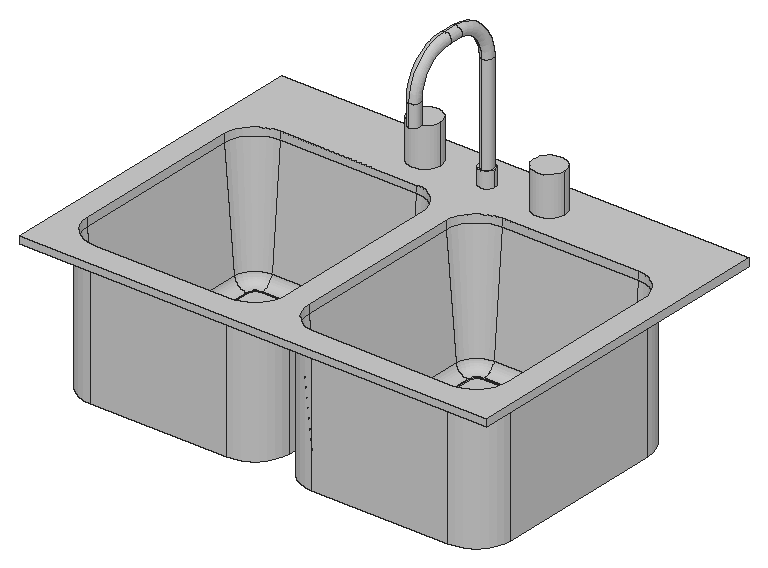
Revit family "Sink Kitchen-Double", category Plumbing Fixtures, Revit 2023
Family settings
  Round Connector Dimension = Use Diameter
  Part Type = Normal
  OmniClass Number = 23.45.05.14.14
  OmniClass Title = Sinks/Lavatories
  Work Plane-Based = No
  Enable Cutting in Views = No
  Always vertical = Yes
  Cut with Voids When Loaded = No
  Maintain Annotation Orientation = No
  Shared = Yes
  Room Calculation Point = No
Parameters (values of type "42" x 21"")
  Default Elevation = 0' - 0"
  Assembly Code = "D2010410"
  Counter Height = 3' - 0"
  Depth = 1' - 9"
  Faucet Material = Steel, Polished
  Sink Material = Steel, Polished
  Width = 2' - 6"
Reference planes (in)
  plane 1 "Center (Front/Back)": y = -1.40766
  plane 2: z = 0
  plane 3 "Center (Left/Right)": x = 0.61769
  plane 4: y = 10.59234
  plane 5: y = -10.40766
  plane 6: x = -14.38231
  plane 7: x = 15.61769
  plane 8 "Top Of Counter": z = 36
  plane 9: z = 36.5
  plane 10: z = 27.5
  plane 11: y = 6.09234
  plane 12: x = -12.88231
  plane 13: y = -8.90766
  plane 14: x = 14.11769
  plane 15: x = -3.38231
  plane 16: x = 4.61769
  plane 17: y = 8.34234
  plane 18: y = 8.34234
  plane 19: y = 8.34234
  plane 20: z = 46.375
  plane 21: y = 2.46734
  plane 22: z = 39
  plane 23: z = 37.5
  plane 24: x = -0.13231
  plane 25: x = 1.36769
  plane 26: x = -6.13231
  plane 27: x = 7.36769
  plane 28: z = 27.875
Forms (in)
  Extrusion 1, solid, material "Steel, Polished" <- "Sink Material"
    sketch origin (0, 0, 0) x (1, 0, 0) y (0, 1, 0)
      loop
        line (-14.38231, 10.59234) -> (-14.38231, -10.40766) -> (15.61769, -10.40766) -> (15.61769, 10.59234) -> (-14.38231, 10.59234)
      loop
        arc (-10.88231, 6.09234) -> (-12.29653, 5.50655) -> (-12.88231, 4.09234) r 2
        line (-12.88231, 4.09234) -> (-12.88231, -6.90766)
        arc (-12.88231, -6.90766) -> (-12.29653, -8.32187) -> (-10.88231, -8.90766) r 2
        line (-10.88231, -8.90766) -> (-2.13231, -8.90766)
        arc (-2.13231, -8.90766) -> (-0.7181, -8.32187) -> (-0.13231, -6.90766) r 2
        line (-0.13231, -6.90766) -> (-0.13231, 4.09234)
        arc (-0.13231, 4.09234) -> (-0.7181, 5.50655) -> (-2.13231, 6.09234) r 2
        line (-2.13231, 6.09234) -> (-10.88231, 6.09234)
      loop
        arc (12.11769, -8.90766) -> (13.5319, -8.32187) -> (14.11769, -6.90766) r 2
        line (14.11769, -6.90766) -> (14.11769, 4.09234)
        arc (14.11769, 4.09234) -> (13.5319, 5.50655) -> (12.11769, 6.09234) r 2
        line (12.11769, 6.09234) -> (3.36769, 6.09234)
        arc (3.36769, 6.09234) -> (1.95347, 5.50655) -> (1.36769, 4.09234) r 2
        line (1.36769, 4.09234) -> (1.36769, -6.90766)
        arc (1.36769, -6.90766) -> (1.95347, -8.32187) -> (3.36769, -8.90766) r 2
        line (3.36769, -8.90766) -> (12.11769, -8.90766)
    from 36 to 36.5
  Sweep 2, solid, material "Steel, Polished" <- "Sink Material"
    path origin (0, 0, 0) x (1, 0, 0) y (0, 1, 0)
      loop
        arc (-10.88231, 6.09234) -> (-12.29653, 5.50655) -> (-12.88231, 4.09234) r 2
        line (-12.88231, 4.09234) -> (-12.88231, -6.90766)
        arc (-12.88231, -6.90766) -> (-12.29653, -8.32187) -> (-10.88231, -8.90766) r 2
        line (-10.88231, -8.90766) -> (-2.13231, -8.90766)
        arc (-2.13231, -8.90766) -> (-0.7181, -8.32187) -> (-0.13231, -6.90766) r 2
        line (-0.13231, -6.90766) -> (-0.13231, 4.09234)
        arc (-0.13231, 4.09234) -> (-0.7181, 5.50655) -> (-2.13231, 6.09234) r 2
        line (-2.13231, 6.09234) -> (-10.88231, 6.09234)
    profile origin (-6.50731, 0, 0) x (0, 1, 0) y (0, 0, 1)
      loop
        line (6.09234, 36) -> (5.44139, 28.55963)
        arc (5.44139, 28.55963) -> (5.20094, 28.07204) -> (4.69424, 27.875) r 0.75
        line (4.69424, 27.875) -> (4.59234, 27.875) -> (4.59234, 27.5) -> (6.34234, 27.5) -> (6.34234, 36) -> (6.09234, 36)
  Extrusion 3, solid, material "Steel, Polished" <- "Sink Material"
    sketch origin (0, 0, 0) x (1, 0, 0) y (0, 1, 0)
      loop
        arc (-10.88231, 4.59234) -> (-11.23587, 4.44589) -> (-11.38231, 4.09234) r 0.5
        line (-11.38231, 4.09234) -> (-11.38231, -6.90766)
        arc (-11.38231, -6.90766) -> (-11.23587, -7.26121) -> (-10.88231, -7.40766) r 0.5
        line (-10.88231, -7.40766) -> (-2.13231, -7.40766)
        arc (-2.13231, -7.40766) -> (-1.77876, -7.26121) -> (-1.63231, -6.90766) r 0.5
        line (-1.63231, -6.90766) -> (-1.63231, 4.09234)
        arc (-1.63231, 4.09234) -> (-1.77876, 4.44589) -> (-2.13231, 4.59234) r 0.5
        line (-2.13231, 4.59234) -> (-10.88231, 4.59234)
      loop
        circle (-6.13231, -1.40766) r 1
    from 27.5 to 27.875
  Extrusion 4, solid, material "Steel, Polished" <- "Faucet Material"
    sketch origin (0, 0, 0) x (1, 0, 0) y (0, 1, 0)
      loop
        circle (-3.38231, 8.34234) r 1
      loop
        circle (4.61769, 8.34234) r 1
    from 36.5 to 39
  Sweep 5, solid, material "Steel, Polished" <- "Faucet Material"
    path origin (0.61769, 0, 0) x (0, 1, 0) y (0, 0, 1)
      loop
        line (8.34234, 36.5) -> (8.34234, 43.875)
        arc (8.34234, 43.875) -> (7.61011, 45.64277) -> (5.84234, 46.375) r 2.5
        line (5.84234, 46.375) -> (4.96734, 46.375)
        arc (4.96734, 46.375) -> (3.19957, 45.64277) -> (2.46734, 43.875) r 2.5
        line (2.46734, 43.875) -> (2.46734, 42.5)
    profile origin (0.61769, 0, 40.1875) x (0, -1, 0) y (1, 0, 0)
      loop
        circle (-8.34234, 0) r 0.375
  Extrusion 6, solid, material "Steel, Polished" <- "Faucet Material"
    sketch origin (0, 0, 0) x (1, 0, 0) y (0, 1, 0)
      loop
        circle (0.61769, 8.34234) r 0.5
    from 36.5 to 37.5
  Sweep 7, solid, material "Steel, Polished" <- "Sink Material"
    path origin (1.23537, 0, 0) x (-1, 0, 0) y (0, -1, 0)
      loop
        line (-10.88231, -6.09234) -> (-2.13231, -6.09234)
        arc (-2.13231, -6.09234) -> (-0.7181, -5.50655) -> (-0.13231, -4.09234) r 2
        line (-0.13231, -4.09234) -> (-0.13231, 6.90766)
        arc (-0.13231, 6.90766) -> (-0.7181, 8.32187) -> (-2.13231, 8.90766) r 2
        line (-2.13231, 8.90766) -> (-10.88231, 8.90766)
        arc (-10.88231, 8.90766) -> (-12.29653, 8.32187) -> (-12.88231, 6.90766) r 2
        line (-12.88231, 6.90766) -> (-12.88231, -4.09234)
        arc (-12.88231, -4.09234) -> (-12.29653, -5.50655) -> (-10.88231, -6.09234) r 2
    profile origin (7.74269, 0, 0) x (0, -1, 0) y (0, 0, 1)
      loop
        line (-6.09234, 36) -> (-6.34234, 36) -> (-6.34234, 27.5) -> (-4.59234, 27.5) -> (-4.59234, 27.875) -> (-4.69424, 27.875)
        arc (-4.69424, 27.875) -> (-5.20094, 28.07204) -> (-5.44139, 28.55963) r 0.75
        line (-5.44139, 28.55963) -> (-6.09234, 36)
  Extrusion 8, solid, material "Steel, Polished" <- "Sink Material"
    sketch origin (0, 0, 0) x (1, 0, 0) y (0, 1, 0)
      loop
        arc (3.36769, 4.69424) -> (3.01413, 4.5478) -> (2.86769, 4.19424) r 0.5
        line (2.86769, 4.19424) -> (2.86769, -6.90766)
        arc (2.86769, -6.90766) -> (3.01413, -7.26121) -> (3.36769, -7.40766) r 0.5
        line (3.36769, -7.40766) -> (12.11769, -7.40766)
        arc (12.11769, -7.40766) -> (12.47124, -7.26121) -> (12.61769, -6.90766) r 0.5
        line (12.61769, -6.90766) -> (12.61769, 4.19424)
        arc (12.61769, 4.19424) -> (12.47124, 4.5478) -> (12.11769, 4.69424) r 0.5
        line (12.11769, 4.69424) -> (3.36769, 4.69424)
      loop
        circle (7.36769, -1.40766) r 1
    from 27.5 to 27.875
Cuts and joins
  joined: Extrusion 1, Sweep 2, Sweep 7
  joined: Sweep 5, Extrusion 6
Lines and regions (in)
  Masking region 1
    outline origin (0, 0, 36) x (0, -1, 0) y (1, 0, 0)
      loop
        line (-10.59234, -14.38231) -> (10.40766, -14.38231) -> (10.40766, 15.61769) -> (-10.59234, 15.61769) -> (-10.59234, -14.38231)
  symbolic lines
    curve 1: line (-12.88231, 4.09234, 36) -> (-12.88231, -6.90766, 36)
    curve 2: line (-10.88231, -8.90766, 36) -> (-2.13231, -8.90766, 36)
    curve 3: line (14.11769, -6.90766, 36) -> (14.11769, 4.09234, 36)
    curve 4: line (12.11769, 6.09234, 36) -> (3.36769, 6.09234, 36)
    curve 5: arc (14.11769, 4.09234, 36) -> (13.5319, 5.50655, 36) -> (12.11769, 6.09234, 36) r 2
    curve 6: arc (12.11769, -8.90766, 36) -> (13.5319, -8.32187, 36) -> (14.11769, -6.90766, 36) r 2
    curve 7: arc (-12.88231, -6.90766, 36) -> (-12.29653, -8.32187, 36) -> (-10.88231, -8.90766, 36) r 2
    curve 8: arc (-10.88231, 6.09234, 36) -> (-12.29653, 5.50655, 36) -> (-12.88231, 4.09234, 36) r 2
    curve 9: arc (1.11769, 8.34234, 36) -> (0.61769, 8.84234, 36) -> (0.11769, 8.34234, 36) r 0.5
    curve 10: line (0.11769, 8.34234, 36) -> (0.11769, 0.59234, 36)
    curve 11: line (1.11769, 8.34234, 36) -> (1.11769, 0.59234, 36)
    curve 12: arc (1.11769, 0.59234, 36) -> (0.61769, 0.09234, 36) -> (0.11769, 0.59234, 36) r 0.5
    curve 13: line (-0.13231, 4.09234, 36) -> (-0.13231, -6.90766, 36)
    curve 14: line (1.36769, 4.09234, 36) -> (1.36769, -6.90766, 36)
    curve 15: line (3.36769, -8.90766, 36) -> (12.11769, -8.90766, 36)
    curve 16: line (-2.13231, 6.09234, 36) -> (-10.88231, 6.09234, 36)
    curve 17: arc (3.36769, 6.09234, 36) -> (1.95347, 5.50655, 36) -> (1.36769, 4.09234, 36) r 2
    curve 18: arc (1.36769, -6.90766, 36) -> (1.95347, -8.32187, 36) -> (3.36769, -8.90766, 36) r 2
    curve 19: arc (-0.13231, -6.90766, 36) -> (-0.7181, -8.32187, 36) -> (-2.13231, -8.90766, 36) r 2
    curve 20: arc (-0.13231, 4.09234, 36) -> (-0.7181, 5.50655, 36) -> (-2.13231, 6.09234, 36) r 2
    curve 21: arc (-7.13231, -1.40766, 36) -> (-6.13231, -0.40766, 36) -> (-5.13231, -1.40766, 36) r 1
    curve 22: arc (-5.13231, -1.40766, 36) -> (-6.13231, -2.40766, 36) -> (-7.13231, -1.40766, 36) r 1
    curve 23: arc (6.36769, -1.40766, 36) -> (7.36769, -0.40766, 36) -> (8.36769, -1.40766, 36) r 1
    curve 24: arc (8.36769, -1.40766, 36) -> (7.36769, -2.40766, 36) -> (6.36769, -1.40766, 36) r 1
    curve 25: arc (-4.38231, 8.34234, 36) -> (-3.38231, 7.34234, 36) -> (-2.38231, 8.34234, 36) r 1
    curve 26: arc (-2.38231, 8.34234, 36) -> (-3.38231, 9.34234, 36) -> (-4.38231, 8.34234, 36) r 1
    curve 27: arc (3.61769, 8.34234, 36) -> (4.61769, 7.34234, 36) -> (5.61769, 8.34234, 36) r 1
    curve 28: arc (5.61769, 8.34234, 36) -> (4.61769, 9.34234, 36) -> (3.61769, 8.34234, 36) r 1
Dimensions and locks (in)
  equal spacing: plane 6, plane 3 "Center (Left/Right)", plane 7
  "Width": plane 6 to plane 7
  "Depth": plane 5 to plane 4
  "Counter Height": plane 8 "Top Of Counter" to plane 2
  locked: plane 9 to plane 8 "Top Of Counter" at 0.5
  locked: plane 8 "Top Of Counter" to plane 10 at 8.5
  locked: plane 6 to plane 12 at 1.5
  locked: plane 14 to plane 7 at 1.5
  locked: plane 11 to plane 4 at 4.5
  locked: plane 5 to plane 13 at 1.5
  equal spacing: plane 11, plane 17, plane 4
  equal spacing: plane 11, plane 18, plane 4
  equal spacing: plane 4, plane 19, plane 11
  locked: plane 19 to plane 21 at 5.875
  locked: plane 20 to plane 9 at 9.875
  locked: plane 22 to plane 9 at 2.5
  locked: plane 23 to plane 9 at 1
  plane 24 to plane 3 "Center (Left/Right)" to plane 25 = 0' - 0 3/4" locked, 0' - 0 3/4" locked
  equal spacing: plane 12, plane 26, plane 3 "Center (Left/Right)"
  equal spacing: plane 3 "Center (Left/Right)", plane 27, plane 14
  equal spacing: plane 13, plane 1 "Center (Front/Back)", plane 11
  locked: plane 15 to plane 3 "Center (Left/Right)" at 4
  locked: plane 3 "Center (Left/Right)" to plane 16 at 4
  locked: plane 28 to plane 10 at 0.375
  aligned and locked: Extrusion 1 sketch curve to plane 5
  aligned and locked: plane 7 to Extrusion 1 sketch curve
  aligned and locked: plane 4 to Extrusion 1 sketch curve
  aligned and locked: Extrusion 1 sketch curve to plane 6
  aligned and locked: plane 8 "Top Of Counter" to Extrusion 1
  aligned and locked: Extrusion 1 to plane 9
  aligned and locked: plane 11 to Extrusion 1 sketch curve
  aligned and locked: plane 14 to Extrusion 1 sketch curve
  aligned and locked: Extrusion 1 sketch curve to plane 12
  aligned and locked: Extrusion 1 sketch curve to plane 13
  aligned and locked: plane 11 to Sweep 2 sketch curve
  aligned and locked: Sweep 2 sketch curve to plane 12
  aligned and locked: Sweep 2 sketch curve to plane 13
  aligned and locked: Sweep 2 to Extrusion 3 sketch curve  (x4)
  aligned and locked: plane 10 to Extrusion 3
  aligned and locked: Sweep 2 sketch curve to plane 10
  aligned and locked: plane 8 "Top Of Counter" to Sweep 2 sketch curve
  aligned and locked: Extrusion 4 to Extrusion 1
  aligned and locked: Extrusion 6 to Extrusion 1
  aligned and locked: Sweep 5 sketch curve to plane 19
  aligned and locked: plane 20 to Sweep 5 sketch curve
  aligned and locked: plane 21 to Sweep 5 sketch curve
  aligned and locked: Extrusion 4 to plane 22
  aligned and locked: Extrusion 6 to plane 23
  aligned and locked: Sweep 2 sketch curve to Extrusion 1
  aligned and locked: Sweep 7 sketch curve to plane 14
  aligned and locked: Sweep 7 sketch curve to Extrusion 1
  aligned and locked: Sweep 7 sketch curve to plane 11
  aligned and locked: plane 13 to Sweep 7 sketch curve
  aligned and locked: plane 10 to Extrusion 8
  aligned and locked: curve 21 to Extrusion 3
  aligned and locked: curve 23 to Extrusion 8
  aligned and locked: Extrusion 8 sketch curve to Sweep 7
  aligned and locked: Sweep 7 sketch curve to plane 8 "Top Of Counter"
  aligned and locked: plane 10 to Sweep 7 sketch curve
  aligned and locked: plane 4 to Masking region 1 sketch curve
  aligned and locked: plane 7 to Masking region 1 sketch curve
  aligned and locked: Masking region 1 sketch curve to plane 5
  aligned and locked: Masking region 1 sketch curve to plane 6
  aligned and locked: plane 15 to Extrusion 4 sketch curve
  aligned and locked: plane 17 to Extrusion 4 sketch curve  (x2)
  aligned and locked: plane 16 to Extrusion 4 sketch curve
  aligned and locked: curve 25 to Extrusion 4
  aligned and locked: curve 27 to Extrusion 4
  aligned and locked: Extrusion 3 to plane 28
  aligned and locked: Extrusion 8 to plane 28
Automatic sketch dimensions
  Sweep 2 sketch curve to profile plane = 0' - 0"
  profile plane to Sweep 2 sketch curve = 0' - 0.65095"
  Sweep 2 sketch curve to Sweep 2 sketch curve = 0' - 0.74715"
  Sweep 2 sketch curve to Sweep 2 sketch curve = 0' - 0.10191"
  Sweep 2 sketch curve to profile plane = 0' - 0 1/4"
  Sweep 2 sketch curve to Sweep 2 sketch curve = 0' - 0 3/8"
  Sweep 2 sketch curve to Sweep 2 sketch curve = 0' - 0.68463"
  plane 15 to Extrusion 4 sketch curve = 0' - 1"
  plane 16 to Extrusion 4 sketch curve = 0' - 1"
  Sweep 5 sketch curve to plane 3 "Center (Left/Right)" = 0' - 0"
  Sweep 5 sketch curve to profile plane = 0' - 0"
  profile plane to Sweep 5 sketch curve = 0' - 0 3/8"
  Extrusion 6 sketch curve to plane 18 = 0' - 0"
  Extrusion 6 sketch curve to plane 3 "Center (Left/Right)" = 0' - 0"
  Extrusion 6 sketch curve to plane 3 "Center (Left/Right)" = 0' - 0 1/2"
  Sweep 5 sketch curve to plane 9 = 0' - 0"
  Sweep 5 sketch curve to Sweep 5 sketch curve = 0' - 2 1/2"
  plane 11 to Sweep 5 sketch curve = 0' - 0 1/4"
  Sweep 5 sketch curve to Sweep 5 sketch curve = 0' - 1 3/8"
  Extrusion 1 sketch curve to plane 13 = 0' - 0"
  Extrusion 1 sketch curve to plane 24 = 0' - 0"
  Extrusion 1 sketch curve to plane 25 = 0' - 0"
  Extrusion 1 sketch curve to plane 11 = 0' - 0"
  Extrusion 1 sketch curve to plane 12 = 0' - 2"  (x2)
  Extrusion 1 sketch curve to plane 3 "Center (Left/Right)" = 0' - 2 3/4"  (x2)
  plane 3 "Center (Left/Right)" to Extrusion 1 sketch curve = 0' - 2 3/4"  (x2)
  plane 14 to Extrusion 1 sketch curve = 0' - 2"
  Extrusion 1 sketch curve to Extrusion 1 sketch curve = 0' - 2"
  Sweep 2 sketch curve to plane 12 = 0' - 2"  (x2)
  Sweep 2 sketch curve to plane 3 "Center (Left/Right)" = 0' - 2 3/4"  (x2)
  plane 14 to Sweep 7 sketch curve = 0' - 2"  (x2)
  Sweep 7 sketch curve to Sweep 7 sketch curve = 0' - 2"
  plane 3 "Center (Left/Right)" to Sweep 7 sketch curve = 0' - 2 3/4"
  Extrusion 3 sketch curve to plane 1 "Center (Front/Back)" = 0' - 0"
  Extrusion 3 sketch curve to plane 26 = 0' - 0"
  Extrusion 3 sketch curve to Extrusion 3 sketch curve = 0' - 0 1/2"  (x4)
  plane 26 to Extrusion 3 sketch curve = 0' - 1"
  Extrusion 8 sketch curve to plane 1 "Center (Front/Back)" = 0' - 0"
  Extrusion 8 sketch curve to plane 27 = 0' - 0"
  plane 27 to Extrusion 8 sketch curve = 0' - 1"
  plane 3 "Center (Left/Right)" to Extrusion 8 sketch curve = 0' - 2 3/4"  (x2)
  Extrusion 8 sketch curve to Extrusion 8 sketch curve = 0' - 0 1/2"  (x2)
  plane 11 to Extrusion 8 sketch curve = 0' - 1.89809"
  Extrusion 8 sketch curve to plane 13 = 0' - 2"
  plane 7 to Extrusion 8 sketch curve = 0' - 3 1/2"
  Sweep 7 sketch curve to profile plane = 0' - 0"
  profile plane to Sweep 7 sketch curve = 0' - 0 1/4"
  Sweep 7 sketch curve to profile plane = 0' - 0.65095"
  Sweep 7 sketch curve to Sweep 7 sketch curve = 0' - 0.74715"
  Sweep 7 sketch curve to Sweep 7 sketch curve = 0' - 0.10191"
  Sweep 7 sketch curve to Sweep 7 sketch curve = 0' - 0.06537"
  Sweep 7 sketch curve to Sweep 7 sketch curve = 0' - 1.05963"
  curve 20 to plane 11 = 0' - 0"
  curve 17 to plane 11 = 0' - 0"
  curve 5 to plane 14 = 0' - 0"
  curve 1 to plane 12 = 0' - 0"
  curve 12 to plane 3 "Center (Left/Right)" = 0' - 0"
  curve 7 to plane 13 = 0' - 0"
  curve 18 to plane 13 = 0' - 0"
  plane 4 to curve 11 = 0' - 2 1/4"
  plane 11 to curve 5 = 0' - 2"
  plane 11 to curve 8 = 0' - 2"
  curve 13 to plane 3 "Center (Left/Right)" = 0' - 0 3/4"
  curve 14 to curve 13 = 0' - 0"
  curve 11 to plane 1 "Center (Front/Back)" = 0' - 2"
  plane 3 "Center (Left/Right)" to curve 14 = 0' - 0 3/4"
  curve 14 to plane 13 = 0' - 2"
  curve 13 to curve 14 = 0' - 0"
  curve 1 to plane 13 = 0' - 2"
  curve 6 to plane 13 = 0' - 2"
  curve 9 to plane 3 "Center (Left/Right)" = 0' - 0 1/2"
  curve 4 to curve 27 = 0' - 0 1/4"
Connectors (in)
  piping at (-3.38231, 8.34234, 36.5), diameter 1.5
    settings: on Extrusion 4, index 1, connector inside diameter 24", connector length 0' - 0", flow factor 0, pipe flow 0 GPM, pressure drop 0.00 psi, fitting loss kfactor 0, connector angle 0.00°, fixture units 1.5, engagement length 0' - 0", angle of deflection 0.00°, flow configuration 3, flow direction 1, fitting loss method 4, system type 19, joint type 0, gender type 0, connector reference index -1, connector utility 0, adjustable connector no, is connector primary yes, connector description ""
  piping at (4.61769, 8.34234, 36.5), diameter 1.5
    settings: on Extrusion 4, index 2, connector inside diameter 24", connector length 0' - 0", flow factor 0, pipe flow 0 GPM, pressure drop 0.00 psi, fitting loss kfactor 0, connector angle 0.00°, fixture units 1.5, engagement length 0' - 0", angle of deflection 0.00°, flow configuration 3, flow direction 1, fitting loss method 4, system type 20, joint type 0, gender type 0, connector reference index -1, connector utility 0, adjustable connector no, is connector primary no, connector description ""
